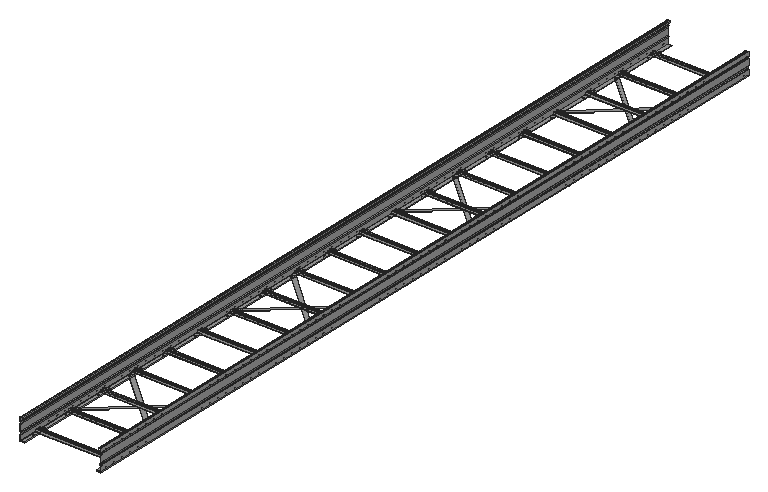
Revit family "WKLG 1660 03.09", category Generic Models, Revit 2017 (continued)
Dimensions and locks
  locked: cut or joined group 1 (Extrusion 1, Extrusion 2, Extrusion 3, Extrusion 4, Extrusion 5, Extrusion 6, Extrusion 7, Extrusion 8, Extrusion 9, Extrusion 10, Extrusion 11, Extrusion 12, Extrusion 13, Extrusion 14, Extrusion 15, Extrusion 16, Extrusion 17, Extrusion 18, Extrusion 19, Extrusion 20, Extrusion 21, Extrusion 22, Extrusion 23, Extrusion 24, Extrusion 25, Extrusion 26, Extrusion 27, Extrusion 28, Extrusion 29, Extrusion 30, Extrusion 31, Extrusion 32, Extrusion 33, Extrusion 34, Extrusion 35, Extrusion 36, Extrusion 37, Extrusion 38, Extrusion 39, Extrusion 40, Extrusion 41, Extrusion 42, Extrusion 43, Extrusion 44, Extrusion 45, Extrusion 46, Extrusion 47, Extrusion 48, Extrusion 49, Extrusion 50, Extrusion 51, Extrusion 52, Extrusion 53, Extrusion 54, Extrusion 55, Extrusion 56, Extrusion 57, Extrusion 58, Extrusion 59, Extrusion 60, Extrusion 61, Extrusion 62, Extrusion 63, Extrusion 64, Extrusion 65, Extrusion 66, Extrusion 67, Extrusion 68, Extrusion 69, Extrusion 70, Extrusion 71, Extrusion 72, Extrusion 73, Extrusion 74, Extrusion 75, Extrusion 76, Extrusion 77, Extrusion 78, Extrusion 79, Extrusion 80, Extrusion 81, Extrusion 82, Extrusion 83, Extrusion 84, Extrusion 85, Extrusion 86, Extrusion 87, Extrusion 88, Extrusion 89, Extrusion 90, Extrusion 91, Extrusion 92, Extrusion 93, Extrusion 94, Extrusion 95, Extrusion 96, Extrusion 97, Extrusion 98, Extrusion 99, Extrusion 100, Extrusion 101, Extrusion 102, Extrusion 103, Extrusion 104, Extrusion 105, Extrusion 106, Extrusion 107, Extrusion 108, Extrusion 109, Extrusion 110, Extrusion 111, Extrusion 112, Extrusion 113, Extrusion 114, Extrusion 115, Extrusion 116, Extrusion 117, Extrusion 118, Extrusion 119, Extrusion 120, Extrusion 121, Extrusion 122, Extrusion 123, Extrusion 124, Extrusion 125, Extrusion 126, Extrusion 127, Extrusion 128, Extrusion 129, Extrusion 130, Extrusion 131, Extrusion 132, Extrusion 133, Extrusion 134, Extrusion 135, Extrusion 136, Extrusion 137, Extrusion 138, Extrusion 139, Extrusion 140, Extrusion 141, Extrusion 142, Extrusion 143, Extrusion 144, Extrusion 145, Extrusion 146, Extrusion 147, Extrusion 148, Extrusion 149, Extrusion 150, Extrusion 151, Extrusion 152, Extrusion 153, Extrusion 154, Extrusion 155, Extrusion 156, Extrusion 157, Extrusion 158, Extrusion 159, Extrusion 160, Extrusion 161, Extrusion 162, Extrusion 163, Extrusion 164, Extrusion 165, Extrusion 166, Extrusion 167, Extrusion 168, Extrusion 169, Extrusion 170, Extrusion 171, Extrusion 172, Extrusion 173, Extrusion 174, Extrusion 175, Extrusion 176, Extrusion 177, Extrusion 178, Extrusion 179, Extrusion 180, Extrusion 181, Extrusion 182, Extrusion 183, Extrusion 184, Extrusion 185, Extrusion 186, Extrusion 187, Extrusion 188, Extrusion 189, Extrusion 190, Extrusion 191, Extrusion 192, Extrusion 193, Extrusion 194, Extrusion 195, Extrusion 196, Extrusion 197, Extrusion 198, Extrusion 199, Extrusion 200, Extrusion 201, Extrusion 202, Extrusion 203, Extrusion 204, Extrusion 205, Extrusion 206, Extrusion 207, Extrusion 208, Extrusion 209, Extrusion 210, Extrusion 211, Extrusion 212, Extrusion 213, Extrusion 214, Extrusion 215, Extrusion 216, Extrusion 217, Extrusion 218, Extrusion 219, Extrusion 220, Extrusion 221, Extrusion 222, Extrusion 223, Extrusion 224, Extrusion 225, Extrusion 226, Extrusion 227, Extrusion 228, Extrusion 229, Extrusion 230, Extrusion 231, Extrusion 232, Extrusion 233, Extrusion 234, Extrusion 235, Extrusion 236, Extrusion 237, Extrusion 238, Extrusion 239, Extrusion 240, Extrusion 241, Extrusion 242, Extrusion 243, Extrusion 244, Extrusion 245, Extrusion 246, Extrusion 247, Extrusion 248, Extrusion 249, Extrusion 250, Extrusion 251, Extrusion 252, Extrusion 253, Extrusion 254, Extrusion 255, Extrusion 256, Extrusion 257, Extrusion 258, Extrusion 259, Extrusion 260, Extrusion 261, Extrusion 262, Extrusion 263, Extrusion 264, Extrusion 265, Extrusion 266, Extrusion 267, Extrusion 268, Extrusion 269, Extrusion 270, Extrusion 271, Extrusion 272, Extrusion 273, Extrusion 274, Extrusion 275, Extrusion 276, Extrusion 277, Extrusion 278, Extrusion 279, Extrusion 280, Extrusion 281, Extrusion 282, Extrusion 283, Extrusion 284, Extrusion 285, Extrusion 286, Extrusion 287, Extrusion 288, Extrusion 289, Extrusion 290, Extrusion 291, Extrusion 292, Extrusion 293, Extrusion 294, Extrusion 295, Extrusion 296, Extrusion 297, Extrusion 298, Extrusion 299, Extrusion 300, Extrusion 301, Extrusion 302, Extrusion 303, Extrusion 304, Extrusion 305, Extrusion 306, Extrusion 307, Extrusion 308, Extrusion 309, Extrusion 310, Extrusion 311, Extrusion 312, Extrusion 313, Extrusion 314, Extrusion 315, Extrusion 316, Extrusion 317, Extrusion 318, Extrusion 319, Extrusion 320, Extrusion 321, Extrusion 323, Extrusion 324, Extrusion 325, Extrusion 326, Extrusion 327, Extrusion 328, Extrusion 329, Extrusion 330, Extrusion 331, Extrusion 332, Extrusion 333, Extrusion 334, Extrusion 335, Extrusion 336, Extrusion 337, Extrusion 338, Extrusion 339, Extrusion 340, Extrusion 341, Extrusion 342, Extrusion 343, Extrusion 344, Extrusion 345, Extrusion 346, Extrusion 347, Extrusion 348, Extrusion 349, Extrusion 350, Extrusion 351, Extrusion 352, Extrusion 353, Extrusion 354, Extrusion 355, Extrusion 356, Extrusion 357, Extrusion 358, Extrusion 359, Extrusion 360, Extrusion 361, Extrusion 362, Extrusion 363, Extrusion 364, Extrusion 365, Extrusion 366, Extrusion 367, Extrusion 368, Extrusion 369, Extrusion 370, Extrusion 371, Extrusion 372, Extrusion 373, Extrusion 374, Extrusion 375, Extrusion 376, Extrusion 377, Extrusion 378, Extrusion 379, Extrusion 380, Extrusion 381, Extrusion 382, Extrusion 383, Extrusion 384, Extrusion 385, Extrusion 386, Extrusion 387, Extrusion 388, Extrusion 389, Extrusion 390, Extrusion 391, Extrusion 392, Extrusion 393, Extrusion 394, Extrusion 395, Extrusion 396, Extrusion 397, Extrusion 398, Extrusion 399, Extrusion 400, Extrusion 401, Extrusion 402, Extrusion 403, Extrusion 405, Extrusion 407, Extrusion 409, Extrusion 411, Extrusion 413, Extrusion 415, Extrusion 417, Extrusion 419, Extrusion 421, Extrusion 423, Extrusion 425, Extrusion 427, Extrusion 429, Extrusion 431, Extrusion 433, Extrusion 435, Extrusion 437, Extrusion 439, Extrusion 441, Extrusion 443) to cut or joined group of Extrusion 1, Extrusion 2, Extrusion 3, Extrusion 4, Extrusion 5, Extrusion 6, Extrusion 7, Extrusion 8, Extrusion 9, Extrusion 10, Extrusion 11, Extrusion 12, Extrusion 13, Extrusion 14, Extrusion 15, Extrusion 16, Extrusion 17, Extrusion 18, Extrusion 19, Extrusion 20, Extrusion 21, Extrusion 22, Extrusion 23, Extrusion 24, Extrusion 25, Extrusion 26, Extrusion 27, Extrusion 28, Extrusion 29, Extrusion 30, Extrusion 31, Extrusion 32, Extrusion 33, Extrusion 34, Extrusion 35, Extrusion 36, Extrusion 37, Extrusion 38, Extrusion 39, Extrusion 40, Extrusion 41, Extrusion 42, Extrusion 43, Extrusion 44, Extrusion 45, Extrusion 46, Extrusion 47, Extrusion 48, Extrusion 49, Extrusion 50, Extrusion 51, Extrusion 52, Extrusion 53, Extrusion 54, Extrusion 55, Extrusion 56, Extrusion 57, Extrusion 58, Extrusion 59, Extrusion 60, Extrusion 61, Extrusion 62, Extrusion 63, Extrusion 64, Extrusion 65, Extrusion 66, Extrusion 67, Extrusion 68, Extrusion 69, Extrusion 70, Extrusion 71, Extrusion 72, Extrusion 73, Extrusion 74, Extrusion 75, Extrusion 76, Extrusion 77, Extrusion 78, Extrusion 79, Extrusion 80, Extrusion 81, Extrusion 82, Extrusion 83, Extrusion 84, Extrusion 85, Extrusion 86, Extrusion 87, Extrusion 88, Extrusion 89, Extrusion 90, Extrusion 91, Extrusion 92, Extrusion 93, Extrusion 94, Extrusion 95, Extrusion 96, Extrusion 97, Extrusion 98, Extrusion 99, Extrusion 100, Extrusion 101, Extrusion 102, Extrusion 103, Extrusion 104, Extrusion 105, Extrusion 106, Extrusion 107, Extrusion 108, Extrusion 109, Extrusion 110, Extrusion 111, Extrusion 112, Extrusion 113, Extrusion 114, Extrusion 115, Extrusion 116, Extrusion 117, Extrusion 118, Extrusion 119, Extrusion 120, Extrusion 121, Extrusion 122
    , Extrusion 123, Extrusion 124, Extrusion 125, Extrusion 126, Extrusion 127, Extrusion 128, Extrusion 129, Extrusion 130, Extrusion 131, Extrusion 132, Extrusion 133, Extrusion 134, Extrusion 135, Extrusion 136, Extrusion 137, Extrusion 138, Extrusion 139, Extrusion 140, Extrusion 141, Extrusion 142, Extrusion 143, Extrusion 144, Extrusion 145, Extrusion 146, Extrusion 147, Extrusion 148, Extrusion 149, Extrusion 150, Extrusion 151, Extrusion 152, Extrusion 153, Extrusion 154, Extrusion 155, Extrusion 156, Extrusion 157, Extrusion 158, Extrusion 159, Extrusion 160, Extrusion 161, Extrusion 162, Extrusion 163, Extrusion 164, Extrusion 165, Extrusion 166, Extrusion 167, Extrusion 168, Extrusion 169, Extrusion 170, Extrusion 171, Extrusion 172, Extrusion 173, Extrusion 174, Extrusion 175, Extrusion 176, Extrusion 177, Extrusion 178, Extrusion 179, Extrusion 180, Extrusion 181, Extrusion 182, Extrusion 183, Extrusion 184, Extrusion 185, Extrusion 186, Extrusion 187, Extrusion 188, Extrusion 189, Extrusion 190, Extrusion 191, Extrusion 192, Extrusion 193, Extrusion 194, Extrusion 195, Extrusion 196, Extrusion 197, Extrusion 198, Extrusion 199, Extrusion 200, Extrusion 201, Extrusion 202, Extrusion 203, Extrusion 204, Extrusion 205, Extrusion 206, Extrusion 207, Extrusion 208, Extrusion 209, Extrusion 210, Extrusion 211, Extrusion 212, Extrusion 213, Extrusion 214, Extrusion 215, Extrusion 216, Extrusion 217, Extrusion 218, Extrusion 219, Extrusion 220, Extrusion 221, Extrusion 222, Extrusion 223, Extrusion 224, Extrusion 225, Extrusion 226, Extrusion 227, Extrusion 228, Extrusion 229, Extrusion 230, Extrusion 231, Extrusion 232, Extrusion 233, Extrusion 234, Extrusion 235, Extrusion 236, Extrusion 237, Extrusion 238, Extrusion 239, Extrusion 240, Extrusion 241, Extrusion 242, Extrusion 243, Extrusion 244, Extrusion 245, Extrusion 246, Extrusion 247, Extrusion 248, Extrusion 249, Extrusion 250, Extrusion 251, Extrusion 252, Extrusion 253, Extrusion 254, Extrusion 255, Extrusion 256, Extrusion 257, Extrusion 258, Extrusion 259, Extrusion 260, Extrusion 261, Extrusion 262, Extrusion 263, Extrusion 264, Extrusion 265, Extrusion 266, Extrusion 267, Extrusion 268, Extrusion 269, Extrusion 270, Extrusion 271, Extrusion 272, Extrusion 273, Extrusion 274, Extrusion 275, Extrusion 276, Extrusion 277, Extrusion 278, Extrusion 279, Extrusion 280, Extrusion 281, Extrusion 282, Extrusion 283, Extrusion 284, Extrusion 285, Extrusion 286, Extrusion 287, Extrusion 288, Extrusion 289, Extrusion 290, Extrusion 291, Extrusion 292, Extrusion 293, Extrusion 294, Extrusion 295, Extrusion 296, Extrusion 297, Extrusion 298, Extrusion 299, Extrusion 300, Extrusion 301, Extrusion 302, Extrusion 303, Extrusion 304, Extrusion 305, Extrusion 306, Extrusion 307, Extrusion 308, Extrusion 309, Extrusion 310, Extrusion 311, Extrusion 312, Extrusion 313, Extrusion 314, Extrusion 315, Extrusion 316, Extrusion 317, Extrusion 318, Extrusion 319, Extrusion 320, Extrusion 321, Extrusion 323, Extrusion 324, Extrusion 325, Extrusion 326, Extrusion 327, Extrusion 328, Extrusion 329, Extrusion 330, Extrusion 331, Extrusion 332, Extrusion 333, Extrusion 334, Extrusion 335, Extrusion 336, Extrusion 337, Extrusion 338, Extrusion 339, Extrusion 340, Extrusion 341, Extrusion 342, Extrusion 343, Extrusion 344, Extrusion 345, Extrusion 346, Extrusion 347, Extrusion 348, Extrusion 349, Extrusion 350, Extrusion 351, Extrusion 352, Extrusion 353, Extrusion 354, Extrusion 355, Extrusion 356, Extrusion 357, Extrusion 358, Extrusion 359, Extrusion 360, Extrusion 361, Extrusion 362, Extrusion 363, Extrusion 364, Extrusion 365, Extrusion 366, Extrusion 367, Extrusion 368, Extrusion 369, Extrusion 370, Extrusion 371, Extrusion 372, Extrusion 373, Extrusion 374, Extrusion 375, Extrusion 376, Extrusion 377, Extrusion 378, Extrusion 379, Extrusion 380, Extrusion 381, Extrusion 382, Extrusion 383, Extrusion 384, Extrusion 385, Extrusion 386, Extrusion 387, Extrusion 388, Extrusion 389, Extrusion 390, Extrusion 391, Extrusion 392, Extrusion 393, Extrusion 394, Extrusion 395, Extrusion 396, Extrusion 397, Extrusion 398, Extrusion 399, Extrusion 400, Extrusion 401, Extrusion 402, Extrusion 403, Extrusion 405, Extrusion 407, Extrusion 409, Extrusion 411, Extrusion 413, Extrusion 415, Extrusion 417, Extrusion 419, Extrusion 421, Extrusion 423, Extrusion 425, Extrusion 427, Extrusion 429, Extrusion 431, Extrusion 433, Extrusion 435, Extrusion 437, Extrusion 439, Extrusion 441, Extrusion 443 at 20.5
  equal spacing: group 361, group 362, group 363, group 364, group 365, group 366, group 367, group 368, group 369, group 370, group 371, group 372, group 373, group 374, group 375, group 376, group 377, group 378, group 379, group 380  (x3)
  locked: plane 85 to plane 18 at 50
  equal spacing: group 381, group 382, group 383, group 384, group 385, group 386, group 387, group 388, group 389, group 390, group 391, group 392, group 393, group 394, group 395, group 396, group 397, group 398, group 399, group 400  (x3)
  locked: cut or joined group 1 to plane 106 at 12.5
  plane 106 to plane 107 = 30 mm
  locked: plane 109 to plane 108 at 30
  locked: plane 112 to plane 113 at 29.21
  locked: plane 110 to Extrusion 403 sketch curve at 30.75
  locked: plane 107 to plane 109 at 515
  locked: Extrusion 404 sketch curve to Extrusion 404 sketch curve at 16.5
  locked: Extrusion 404 sketch curve to Extrusion 404 sketch curve at 1.5  (x3)
  locked: plane 117 to plane 116 at 30
  locked: plane 120 to plane 121 at 29.21
  locked: plane 118 to Extrusion 405 sketch curve at 30.75
  locked: plane 115 to plane 117 at 515
  locked: Extrusion 406 sketch curve to Extrusion 406 sketch curve at 16.5
  locked: Extrusion 406 sketch curve to Extrusion 406 sketch curve at 1.5  (x3)
  locked: Extrusion 406 to Extrusion 406 at 1.5  (x2)
  locked: plane 125 to plane 124 at 30
  locked: plane 128 to plane 129 at 29.21
  locked: plane 126 to Extrusion 407 sketch curve at 30.75
  locked: plane 123 to plane 125 at 515
  equal spacing: group 402, group 403, group 404, group 405, group 406, group 407, group 408, group 409, group 410, group 411, group 412, group 413, group 414, group 415, group 416, group 417, group 418, group 419, group 420, group 421  (x3)
  locked: Extrusion 408 sketch curve to Extrusion 408 sketch curve at 16.5
  locked: Extrusion 408 sketch curve to Extrusion 408 sketch curve at 1.5  (x3)
  locked: Extrusion 408 to Extrusion 408 at 1.5  (x2)
  locked: plane 133 to plane 132 at 30
  locked: plane 136 to plane 137 at 29.21
  locked: plane 134 to Extrusion 409 sketch curve at 30.75
  locked: plane 131 to plane 133 at 515
  locked: Extrusion 410 sketch curve to Extrusion 410 sketch curve at 16.5
  locked: Extrusion 410 sketch curve to Extrusion 410 sketch curve at 1.5  (x3)
  locked: Extrusion 410 to Extrusion 410 at 1.5  (x2)
  locked: plane 141 to plane 140 at 30
  locked: plane 144 to plane 145 at 29.21
  locked: plane 142 to Extrusion 411 sketch curve at 30.75
  locked: plane 139 to plane 141 at 515
  locked: Extrusion 412 sketch curve to Extrusion 412 sketch curve at 16.5
  locked: Extrusion 412 sketch curve to Extrusion 412 sketch curve at 1.5  (x3)
  locked: Extrusion 412 to Extrusion 412 at 1.5  (x2)
  locked: plane 149 to plane 148 at 30
  locked: plane 152 to plane 153 at 29.21
  locked: plane 150 to Extrusion 413 sketch curve at 30.75
  locked: plane 147 to plane 149 at 515
  locked: Extrusion 414 sketch curve to Extrusion 414 sketch curve at 16.5
  locked: Extrusion 414 sketch curve to Extrusion 414 sketch curve at 1.5  (x3)
  locked: Extrusion 414 to Extrusion 414 at 1.5  (x2)
  locked: plane 157 to plane 156 at 30
  locked: plane 160 to plane 161 at 29.21
  locked: plane 158 to Extrusion 415 sketch curve at 30.75
  locked: plane 155 to plane 157 at 515
  locked: Extrusion 416 sketch curve to Extrusion 416 sketch curve at 16.5
  locked: Extrusion 416 sketch curve to Extrusion 416 sketch curve at 1.5  (x3)
  locked: Extrusion 416 to Extrusion 416 at 1.5  (x2)
  locked: plane 165 to plane 164 at 30
  locked: plane 168 to plane 169 at 29.21
  locked: plane 166 to Extrusion 417 sketch curve at 30.75
  locked: plane 163 to plane 165 at 515
  locked: Extrusion 418 sketch curve to Extrusion 418 sketch curve at 16.5
  locked: Extrusion 418 sketch curve to Extrusion 418 sketch curve at 1.5  (x3)
  locked: Extrusion 418 to Extrusion 418 at 1.5  (x2)
  locked: plane 173 to plane 172 at 30
  locked: plane 176 to plane 177 at 29.21
  locked: plane 174 to Extrusion 419 sketch curve at 30.75
  locked: plane 171 to plane 173 at 515
  locked: Extrusion 420 sketch curve to Extrusion 420 sketch curve at 16.5
  locked: Extrusion 420 sketch curve to Extrusion 420 sketch curve at 1.5  (x3)
  locked: Extrusion 420 to Extrusion 420 at 1.5  (x2)
  locked: plane 181 to plane 180 at 30
  locked: plane 184 to plane 185 at 29.21
  locked: plane 182 to Extrusion 421 sketch curve at 30.75
  locked: plane 179 to plane 181 at 515
  locked: Extrusion 422 sketch curve to Extrusion 422 sketch curve at 16.5
  locked: Extrusion 422 sketch curve to Extrusion 422 sketch curve at 1.5  (x3)
  locked: Extrusion 422 to Extrusion 422 at 1.5  (x2)
  locked: plane 189 to plane 188 at 30
  locked: plane 192 to plane 193 at 29.21
  locked: plane 190 to Extrusion 423 sketch curve at 30.75
  locked: plane 187 to plane 189 at 515
  locked: Extrusion 424 sketch curve to Extrusion 424 sketch curve at 16.5
  locked: Extrusion 424 sketch curve to Extrusion 424 sketch curve at 1.5  (x3)
  locked: Extrusion 424 to Extrusion 424 at 1.5  (x2)
  locked: plane 197 to plane 196 at 30
  locked: plane 200 to plane 201 at 29.21
  locked: plane 198 to Extrusion 425 sketch curve at 30.75
  locked: plane 195 to plane 197 at 515
  locked: Extrusion 426 sketch curve to Extrusion 426 sketch curve at 16.5
  locked: Extrusion 426 sketch curve to Extrusion 426 sketch curve at 1.5  (x3)
  locked: Extrusion 426 to Extrusion 426 at 1.5  (x2)
  locked: plane 205 to plane 204 at 30
  locked: plane 208 to plane 209 at 29.21
  locked: plane 206 to Extrusion 427 sketch curve at 30.75
  locked: plane 203 to plane 205 at 515
  locked: Extrusion 428 sketch curve to Extrusion 428 sketch curve at 16.5
  locked: Extrusion 428 sketch curve to Extrusion 428 sketch curve at 1.5  (x3)
  locked: Extrusion 428 to Extrusion 428 at 1.5  (x2)
  locked: plane 213 to plane 212 at 30
  locked: plane 216 to plane 217 at 29.21
  locked: plane 214 to Extrusion 429 sketch curve at 30.75
  locked: plane 211 to plane 213 at 515
  locked: Extrusion 430 sketch curve to Extrusion 430 sketch curve at 16.5
  locked: Extrusion 430 sketch curve to Extrusion 430 sketch curve at 1.5  (x3)
  locked: Extrusion 430 to Extrusion 430 at 1.5  (x2)
  locked: plane 221 to plane 220 at 30
  locked: plane 224 to plane 225 at 29.21
  locked: plane 222 to Extrusion 431 sketch curve at 30.75
  locked: plane 219 to plane 221 at 515
  locked: Extrusion 432 sketch curve to Extrusion 432 sketch curve at 16.5
  locked: Extrusion 432 sketch curve to Extrusion 432 sketch curve at 1.5  (x3)
  locked: Extrusion 432 to Extrusion 432 at 1.5  (x2)
  locked: plane 229 to plane 228 at 30
  locked: plane 232 to plane 233 at 29.21
  locked: plane 230 to Extrusion 433 sketch curve at 30.75
  locked: plane 227 to plane 229 at 515
  locked: Extrusion 434 sketch curve to Extrusion 434 sketch curve at 16.5
  locked: Extrusion 434 sketch curve to Extrusion 434 sketch curve at 1.5  (x3)
  locked: Extrusion 434 to Extrusion 434 at 1.5  (x2)
  locked: plane 237 to plane 236 at 30
  locked: plane 240 to plane 241 at 29.21
  locked: plane 238 to Extrusion 435 sketch curve at 30.75
  locked: plane 235 to plane 237 at 515
  locked: Extrusion 436 sketch curve to Extrusion 436 sketch curve at 16.5
  locked: Extrusion 436 sketch curve to Extrusion 436 sketch curve at 1.5  (x3)
  locked: Extrusion 436 to Extrusion 436 at 1.5  (x2)
  locked: plane 245 to plane 244 at 30
  locked: plane 248 to plane 249 at 29.21
  locked: plane 246 to Extrusion 437 sketch curve at 30.75
  locked: plane 243 to plane 245 at 515
  locked: Extrusion 438 sketch curve to Extrusion 438 sketch curve at 16.5
  locked: Extrusion 438 sketch curve to Extrusion 438 sketch curve at 1.5  (x3)
  locked: Extrusion 438 to Extrusion 438 at 1.5  (x2)
  locked: plane 253 to plane 252 at 30
  locked: plane 256 to plane 257 at 29.21
  locked: plane 254 to Extrusion 439 sketch curve at 30.75
  locked: plane 251 to plane 253 at 515
  locked: Extrusion 440 sketch curve to Extrusion 440 sketch curve at 16.5
  locked: Extrusion 440 sketch curve to Extrusion 440 sketch curve at 1.5  (x3)
  locked: Extrusion 440 to Extrusion 440 at 1.5  (x2)
  locked: plane 261 to plane 260 at 30
  locked: plane 264 to plane 265 at 29.21
  locked: plane 262 to Extrusion 441 sketch curve at 30.75
  locked: plane 259 to plane 261 at 515
  locked: Extrusion 442 sketch curve to Extrusion 442 sketch curve at 16.5
  locked: Extrusion 442 sketch curve to Extrusion 442 sketch curve at 1.5  (x3)
  locked: Extrusion 442 to Extrusion 442 at 1.5  (x2)
  locked: plane 269 to plane 268 at 30
  locked: plane 272 to plane 273 at 29.21
  locked: plane 270 to Extrusion 443 sketch curve at 30.75
  locked: plane 267 to plane 269 at 515
  locked: Extrusion 444 sketch curve to Extrusion 444 sketch curve at 25
  "Height 1": cut or joined group 1 to Extrusion 444
  locked: Extrusion 445 to Extrusion 445 at 25  (x2)
  "Height 1": Extrusion 445 to level
  locked: Extrusion 445 to cut or joined group 1 at 8.397
  locked: cut or joined group 1 to Extrusion 445 at 10.162
  locked: Extrusion 446 sketch curve to Extrusion 446 sketch curve at 25
  locked: Extrusion 447 to Extrusion 447 at 25  (x2)
  equal spacing: group 422, group 423, group 424, group 425  (x3)
  locked: Extrusion 448 sketch curve to Extrusion 448 sketch curve at 25
  locked: Extrusion 449 to Extrusion 449 at 25  (x2)
  locked: Extrusion 450 sketch curve to Extrusion 450 sketch curve at 25
  locked: Extrusion 451 to Extrusion 451 at 25  (x2)
  aligned and locked: level to plane 2
  aligned and locked: plane 7 to plane 5
  aligned and locked: plane 8 to plane 6
  aligned and locked: plane 1 "Center (Front/Back)" to Extrusion 1
  aligned and locked: Extrusion 1 sketch curve to plane 4
  aligned and locked: plane 4 to Extrusion 1 sketch curve
  aligned and locked: cut or joined group 1 to Extrusion 82
